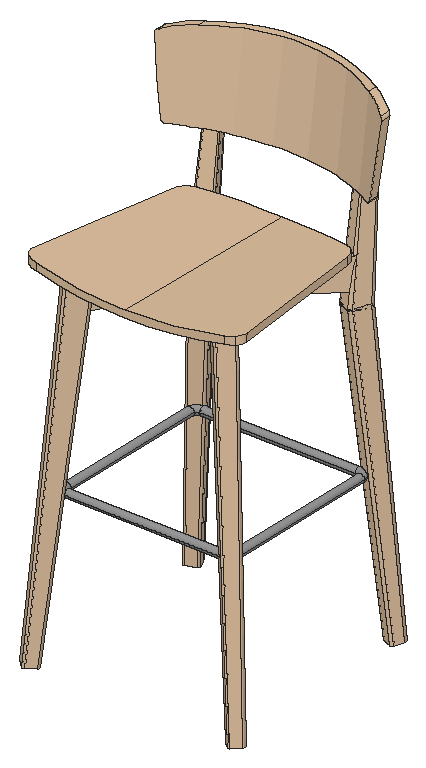
Revit family "FU_Stool_Sandler_Hellen SG06", category Furniture, Revit 2020
Family settings
  OmniClass Number = 23.40.20.00
  OmniClass Title = General Furniture and Specialties
  Work Plane-Based = No
  Always vertical = Yes
  Cut with Voids When Loaded = No
  Shared = No
  Room Calculation Point = No
Parameters (values of type "Hellen SG06")
  Width = 455 mm
  URL = "https://www.sandlerseating.com/product/hellen-sg-06/"
  Model = "Hellen SG06"
  Manufacturer = "Sandler"
  Height = 990 mm
  Frame [instance] = Wood - Beech - Oiled Oak
  Description = "Stool with seat and back on a solid beech frame fitted with a stainless steel footrest."
  Depth = 455 mm
  Default Elevation = 0 mm
Reference planes
  plane 1 "Center (Front/Back)": y = 0
  plane 2: z = 0
  plane 3 "Center (Left/Right)": x = 0
  plane 4 "Right": x = -227.5
  plane 5 "Left": x = 227.5
  plane 6 "Back": y = 227.5
  plane 7 "Front": y = -227.5
  plane 8 "Height": z = 990
  plane 9 "Seat height": z = 720
  plane 10 "FL RIGHT": through (4267.2, -207.37, 0) normal (0, -0.9977, 0.0682)
  plane 11 "FRL FRONT": through (-205.974, -1524, 0.041) normal (-0.9961, 0, 0.0886)
  plane 12 "BLL FRONT": through (201.013, -1524, 0) normal (-0.9987, 0, -0.0517)
  plane 13 "BLL Curve RIGHT": z = 601.691
  plane 14: through (4267.2, 196.102, 0) normal (0, -0.9988, -0.0486)
  plane 15: through (4267.2, 166.798, 601.662) normal (0, -0.9933, 0.1152)
  plane 16 "Frame Seat Base RIGHT": z = 631.09
  plane 17 "Rail RIGHT": z = 298.153
Forms (mm)
  SweptBlend 1, solid, material "Wood - Beech - Oiled Oak" <- "Frame"
    path origin (200.475, 0, 10.381) x (0.051712, 0, -0.998662) y (0, -1, 0)
      loop
        line (12.923, -196.224) -> (-596.353, -166.509)
    profile origin (201.143, 196.224, -2.525) x (-0.002519, 0.998813, 0.048648) y (-0.998662, 0, -0.051712)
      loop
        arc (17.128, 3.4) -> (17.143, 6.462) -> (14.989, 8.637) r 4
        line (14.989, 8.637) -> (-3.892, 16.568)
        arc (-3.892, 16.568) -> (-6.953, 16.584) -> (-9.128, 14.43) r 4
        line (-9.128, 14.43) -> (-17.207, -4.802)
        arc (-17.207, -4.802) -> (-17.223, -7.864) -> (-15.069, -10.039) r 4
        line (-15.069, -10.039) -> (3.812, -17.971)
        arc (3.812, -17.971) -> (6.873, -17.986) -> (9.049, -15.832) r 4
        line (9.049, -15.832) -> (17.128, 3.4)
    end profile origin (169.637, 166.509, 605.936) x (-0.002519, 0.998813, 0.048648) y (-0.998662, 0, -0.051712)
      loop
        line (7.099, -6.825) -> (18.586, 19.263)
        arc (18.586, 19.263) -> (18.684, 23.054) -> (16.092, 25.824) r 5
        line (16.092, 25.824) -> (-14.644, 39.9)
        arc (-14.644, 39.9) -> (-18.469, 40.041) -> (-21.272, 37.436) r 5
        line (-21.272, 37.436) -> (-33.14, 11.523)
        arc (-33.14, 11.523) -> (-33.281, 7.698) -> (-30.676, 4.895) r 5
        line (-30.676, 4.895) -> (0.441, -9.356)
        arc (0.441, -9.356) -> (4.3, -9.484) -> (7.099, -6.825) r 5
  SweptBlend 2, solid, material "Wood - Beech - Oiled Oak" <- "Frame"
    path origin (200.475, 0, 10.381) x (0.051712, 0, -0.998662) y (0, -1, 0)
      loop
        line (-589.155, -166.468) -> (-949.943, -208.37)
    profile origin (170.009, 166.468, 598.747) x (0.005966, 0.993323, -0.115211) y (-0.998662, 0, -0.051712)
      loop
        line (7.015, -6.623) -> (18.28, 19.562)
        arc (18.28, 19.562) -> (18.346, 23.354) -> (15.73, 26.101) r 5
        line (15.73, 26.101) -> (-15.124, 39.916)
        arc (-15.124, 39.916) -> (-18.95, 40.024) -> (-21.731, 37.396) r 5
        line (-21.731, 37.396) -> (-33.378, 11.382)
        arc (-33.378, 11.382) -> (-33.487, 7.557) -> (-30.858, 4.776) r 5
        line (-30.858, 4.776) -> (0.379, -9.211)
        arc (0.379, -9.211) -> (4.239, -9.306) -> (7.015, -6.623) r 5
    end profile origin (151.352, 208.37, 959.053) x (0.005966, 0.993323, -0.115211) y (-0.998662, 0, -0.051712)
      loop
        arc (6.497, 5.132) -> (6.512, 6.28) -> (5.711, 7.102) r 1.5
        line (5.711, 7.102) -> (-10.645, 14.128) -> (-19.944, -6.71) -> (-3.414, -14.086)
        arc (-3.414, -14.086) -> (-2.257, -14.114) -> (-1.425, -13.309) r 1.5
        line (-1.425, -13.309) -> (6.497, 5.132)
  SweptBlend 3, solid, material "Wood - Beech - Oiled Oak" <- "Frame"
    path origin (0, -206.405, 14.116) x (0, -0.068229, -0.99767) y (-1, 0, 0)
      loop
        line (24.345, -205.995) -> (-684.843, -142.778)
    profile origin (205.995, -208.066, -10.172) x (-0.996051, -0.006058, -0.088581) y (0, -0.99767, 0.068229)
      loop
        arc (-2.983, -17.297) -> (-0.175, -18.468) -> (2.645, -17.326) r 4
        line (2.645, -17.326) -> (17.371, -2.905)
        arc (17.371, -2.905) -> (18.573, -0.068) -> (17.401, 2.782) r 4
        line (17.401, 2.782) -> (2.733, 17.45)
        arc (2.733, 17.45) -> (-0.096, 18.621) -> (-2.924, 17.45) r 4
        line (-2.924, 17.45) -> (-17.498, 2.876)
        arc (-17.498, 2.876) -> (-18.67, 0.047) -> (-17.498, -2.781) r 4
        line (-17.498, -2.781) -> (-2.983, -17.297)
    end profile origin (142.778, -159.679, 697.363) x (-0.996051, -0.006058, -0.088581) y (0, -0.99767, 0.068229)
      loop
        arc (-1.295, -25.815) -> (1.518, -26.936) -> (4.31, -25.764) r 4
        line (4.31, -25.764) -> (25.473, -4.601)
        arc (25.473, -4.601) -> (26.645, -1.773) -> (25.473, 1.056) r 4
        line (25.473, 1.056) -> (-2.851, 29.38)
        arc (-2.851, 29.38) -> (-5.679, 30.551) -> (-8.508, 29.38) r 4
        line (-8.508, 29.38) -> (-30.183, 7.704)
        arc (-30.183, 7.704) -> (-31.355, 4.84) -> (-30.131, 1.997) r 4
        line (-30.131, 1.997) -> (-1.295, -25.815)
  SweptBlend 4, solid, material "Wood - Beech - Oiled Oak" <- "Frame"
    path origin (-200.475, 0, 10.381) x (-0.051712, 0, -0.998662) y (0, 1, 0)
      loop
        line (12.923, 196.224) -> (-596.353, 166.509)
    profile origin (-201.143, 196.224, -2.525) x (-0.002519, -0.998813, -0.048648) y (0.998662, 0, -0.051712)
      loop
        line (-17.128, 3.4) -> (-9.049, -15.832)
        arc (-9.049, -15.832) -> (-6.873, -17.986) -> (-3.812, -17.971) r 4
        line (-3.812, -17.971) -> (15.069, -10.039)
        arc (15.069, -10.039) -> (17.223, -7.864) -> (17.207, -4.802) r 4
        line (17.207, -4.802) -> (9.128, 14.43)
        arc (9.128, 14.43) -> (6.953, 16.584) -> (3.892, 16.568) r 4
        line (3.892, 16.568) -> (-14.989, 8.637)
        arc (-14.989, 8.637) -> (-17.143, 6.462) -> (-17.128, 3.4) r 4
    end profile origin (-169.637, 166.509, 605.936) x (-0.002519, -0.998813, -0.048648) y (0.998662, 0, -0.051712)
      loop
        arc (-7.099, -6.825) -> (-4.3, -9.484) -> (-0.441, -9.356) r 5
        line (-0.441, -9.356) -> (30.676, 4.895)
        arc (30.676, 4.895) -> (33.281, 7.698) -> (33.14, 11.523) r 5
        line (33.14, 11.523) -> (21.272, 37.436)
        arc (21.272, 37.436) -> (18.469, 40.041) -> (14.644, 39.9) r 5
        line (14.644, 39.9) -> (-16.092, 25.824)
        arc (-16.092, 25.824) -> (-18.684, 23.054) -> (-18.586, 19.263) r 5
        line (-18.586, 19.263) -> (-7.099, -6.825)
  SweptBlend 5, solid, material "Wood - Beech - Oiled Oak" <- "Frame"
    path origin (-200.475, 0, 10.381) x (-0.051712, 0, -0.998662) y (0, 1, 0)
      loop
        line (-589.155, 166.468) -> (-949.943, 208.37)
    profile origin (-170.009, 166.468, 598.747) x (0.005966, -0.993323, 0.115211) y (0.998662, 0, -0.051712)
      loop
        arc (-7.015, -6.623) -> (-4.239, -9.306) -> (-0.379, -9.211) r 5
        line (-0.379, -9.211) -> (30.858, 4.776)
        arc (30.858, 4.776) -> (33.487, 7.557) -> (33.378, 11.382) r 5
        line (33.378, 11.382) -> (21.731, 37.396)
        arc (21.731, 37.396) -> (18.95, 40.024) -> (15.124, 39.916) r 5
        line (15.124, 39.916) -> (-15.73, 26.101)
        arc (-15.73, 26.101) -> (-18.346, 23.354) -> (-18.28, 19.562) r 5
        line (-18.28, 19.562) -> (-7.015, -6.623)
    end profile origin (-151.352, 208.37, 959.053) x (0.005966, -0.993323, 0.115211) y (0.998662, 0, -0.051712)
      loop
        line (-6.497, 5.132) -> (1.425, -13.309)
        arc (1.425, -13.309) -> (2.257, -14.114) -> (3.414, -14.086) r 1.5
        line (3.414, -14.086) -> (19.944, -6.71) -> (10.645, 14.128) -> (-5.711, 7.102)
        arc (-5.711, 7.102) -> (-6.512, 6.28) -> (-6.497, 5.132) r 1.5
  Extrusion 6, solid, material "Wood - Beech - Oiled Oak" <- "Frame"
    sketch origin (0, 0, 631.09) x (0, -1, 0) y (1, 0, 0)
      loop
        line (-157.596, -136.739) -> (-146.8, -162.31) -> (-64.703, -76.269) -> (49.987, -76.269) -> (57.034, -83.316)
        arc (57.034, -83.316) -> (96.783, -116.713) -> (141.693, -142.76) r 300.084
        line (141.693, -142.76) -> (159.863, -124.589)
        arc (159.863, -124.589) -> (114.861, -98.658) -> (75.065, -65.285) r 297.002
        line (75.065, -65.285) -> (9.781, 0) -> (75.065, 65.285)
        arc (75.065, 65.285) -> (114.861, 98.658) -> (159.863, 124.589) r 297.002
        line (159.863, 124.589) -> (141.693, 142.76)
        arc (141.693, 142.76) -> (96.783, 116.713) -> (57.034, 83.316) r 300.084
        line (57.034, 83.316) -> (49.987, 76.269) -> (-64.703, 76.269) -> (-146.8, 162.31) -> (-157.596, 136.739) -> (-27.126, 0) -> (-157.596, -136.739)
    from 0 to 64.212
  SweptBlend 7, solid, material "Wood - Beech - Oiled Oak" <- "Frame"
    path origin (0, -206.362, 14.738) x (0, -0.068229, -0.99767) y (1, 0, 0)
      loop
        line (25.104, -206.063) -> (-684.084, -142.846)
    profile origin (-206.063, -208.075, -10.308) x (-0.996051, 0.006058, 0.088581) y (0, -0.99767, 0.068229)
      loop
        line (2.983, -17.254) -> (17.498, -2.738)
        arc (17.498, -2.738) -> (18.67, 0.09) -> (17.498, 2.918) r 4
        line (17.498, 2.918) -> (2.924, 17.492)
        arc (2.924, 17.492) -> (0.096, 18.664) -> (-2.733, 17.492) r 4
        line (-2.733, 17.492) -> (-17.401, 2.824)
        arc (-17.401, 2.824) -> (-18.573, -0.025) -> (-17.371, -2.862) r 4
        line (-17.371, -2.862) -> (-2.645, -17.284)
        arc (-2.645, -17.284) -> (0.175, -18.426) -> (2.983, -17.254) r 4
    end profile origin (-142.846, -159.688, 697.228) x (-0.996051, 0.006058, 0.088581) y (0, -0.99767, 0.068229)
      loop
        line (1.295, -25.772) -> (30.131, 2.04)
        arc (30.131, 2.04) -> (31.355, 4.882) -> (30.183, 7.747) r 4
        line (30.183, 7.747) -> (8.508, 29.422)
        arc (8.508, 29.422) -> (5.679, 30.594) -> (2.851, 29.422) r 4
        line (2.851, 29.422) -> (-25.473, 1.098)
        arc (-25.473, 1.098) -> (-26.645, -1.73) -> (-25.473, -4.559) r 4
        line (-25.473, -4.559) -> (-4.31, -25.722)
        arc (-4.31, -25.722) -> (-1.518, -26.893) -> (1.295, -25.772) r 4
  Sweep 8, solid, material "Metal - Steel - Polished"
    path origin (0, 0, 298.153) x (0, -1, 0) y (1, 0, 0)
      loop
        line (-163.114, 155.882) -> (-163.114, -155.882)
        arc (-163.114, -155.882) -> (-158.721, -166.489) -> (-148.114, -170.882) r 15
        line (-148.114, -170.882) -> (159.845, -170.882)
        arc (159.845, -170.882) -> (170.452, -166.489) -> (174.845, -155.882) r 15
        line (174.845, -155.882) -> (174.845, 155.882)
        arc (174.845, 155.882) -> (170.452, 166.489) -> (159.845, 170.882) r 15
        line (159.845, 170.882) -> (-148.114, 170.882)
        arc (-148.114, 170.882) -> (-158.721, 166.489) -> (-163.114, 155.882) r 15
    profile origin (0, 163.114, 298.153) x (0, -1, 0) y (0, 0, 1)
      loop
        circle (0, 0) r 8
  Sweep 9, solid, material "Wood - Beech - Oiled Oak" <- "Frame"
    path origin (0, 0, 0) x (0, 1, 0) y (0, 0, 1)
      loop
        line (-251.068, 691.02) -> (176.532, 685.592)
    profile "Pro_Plus_SeatFront : Pro_Plus_SeatFront" origin (0, -37.268, 688.306) x (0, 0.012694, 0.999919) y (1, 0, 0)
      loop
        arc (0, 0) -> (6.343, -128.159) -> (25.737, -255) r 1255.285
        line (25.737, -255) -> (40.253, -255)
        arc (40.253, -255) -> (21.697, -128.096) -> (15.33, 0) r 1342.99
        arc (15.33, 0) -> (21.697, 128.096) -> (40.253, 255) r 1342.99
        line (40.253, 255) -> (25.737, 255)
        arc (25.737, 255) -> (6.343, 128.159) -> (0, 0) r 1255.285
  Extrusion 10, void
    sketch origin (0, 0, 720) x (-1, 0, 0) y (0, -1, 0)
      loop
        arc (174.807, -108.125) -> (196.061, 42.532) -> (216.358, 193.322) r 23969.847
        arc (216.358, 193.322) -> (213.669, 201.914) -> (207.405, 208.38) r 19.486
        arc (207.405, 208.38) -> (197.835, 212.625) -> (187.659, 215.088) r 58.226
        arc (187.659, 215.088) -> (0, 227.5) -> (-187.659, 215.088) r 1424.794
        arc (-187.659, 215.088) -> (-197.835, 212.625) -> (-207.405, 208.38) r 58.226
        arc (-207.405, 208.38) -> (-213.669, 201.914) -> (-216.358, 193.322) r 19.486
        arc (-216.358, 193.322) -> (-196.061, 42.532) -> (-174.807, -108.125) r 23969.847
        arc (-174.807, -108.125) -> (-165.342, -131.897) -> (-143.795, -145.695) r 41.785
        arc (-143.795, -145.695) -> (0, -164.377) -> (143.795, -145.695) r 562.723
        arc (143.795, -145.695) -> (165.342, -131.897) -> (174.807, -108.125) r 41.785
      loop
        line (258.878, -184.745) -> (258.878, 260.255) -> (-261.122, 260.255) -> (-261.122, -184.745) -> (258.878, -184.745)
    from -37.801 to 15.943
  Sweep 11, solid, material "Wood - Beech - Oiled Oak" <- "Frame"
    path origin (0, 0, 0) x (0, 1, 0) y (0, 0, 1)
      loop
        line (199.884, 800.037) -> (228.174, 992.974)
    profile "Pro_SG Back : Pro_SG Back" origin (0, 214.029, 896.506) x (0, -0.98942, 0.145077) y (1, 0, 0)
      loop
        line (92.119, -250) -> (112.468, -250)
        arc (112.468, -250) -> (13.237, 0) -> (112.468, 250) r 364.538
        line (112.468, 250) -> (92.119, 250)
        arc (92.119, 250) -> (-2, 0) -> (92.119, -250) r 379.085
  Extrusion 12, void
    sketch origin (0, 227.5, 0) x (-1, 0, 0) y (0, 0, 1)
      loop
        arc (227.5, 966.671) -> (226.095, 970.75) -> (222.577, 973.248) r 7.054
        arc (222.577, 973.248) -> (196.644, 979.71) -> (170.109, 982.892) r 214.129
        arc (170.109, 982.892) -> (0, 990) -> (-170.109, 982.892) r 2039.044
        arc (-170.109, 982.892) -> (-196.644, 979.71) -> (-222.577, 973.248) r 214.129
        arc (-222.577, 973.248) -> (-226.095, 970.75) -> (-227.5, 966.671) r 7.054
        arc (-227.5, 966.671) -> (-218.78, 893.779) -> (-209.005, 821.021) r 5065.262
        arc (-209.005, 821.021) -> (-206.755, 816.471) -> (-202.31, 814.021) r 8.481
        arc (-202.31, 814.021) -> (0, 805.89) -> (202.31, 814.021) r 2520.908
        arc (202.31, 814.021) -> (206.755, 816.471) -> (209.005, 821.021) r 8.481
        arc (209.005, 821.021) -> (218.78, 893.779) -> (227.5, 966.671) r 5065.262
      loop
        line (252.5, 1014.646) -> (-252.5, 1014.646) -> (-252.5, 794.646) -> (252.5, 794.646) -> (252.5, 1014.646)
    from 6.667 to -149.8
Cuts and joins
  Extrusion 10 cuts Sweep 9
  Extrusion 12 cuts Sweep 11
Dimensions and locks
  equal spacing: plane 4 "Right", plane 3 "Center (Left/Right)", plane 5 "Left"
  "Width": plane 4 "Right" to plane 5 "Left"
  equal spacing: plane 6 "Back", plane 1 "Center (Front/Back)", plane 7 "Front"
  "Depth": plane 6 "Back" to plane 7 "Front"
  "Height": plane 8 "Height" to level
  plane 9 "Seat height" to level = 720 mm
  aligned and locked: level to plane 2
Automatic sketch dimensions
  SweptBlend 1 sketch curve to plane 6 "Back" = 60.991 mm
  SweptBlend 1 sketch curve to plane 6 "Back" = 31.276 mm
  SweptBlend 1 sketch curve to SweptBlend 1 sketch curve = 609.276 mm
  SweptBlend 1 sketch curve to plane 12 "BLL FRONT" = 4.802 mm
  profile plane to SweptBlend 1 sketch curve = 17.207 mm
  SweptBlend 1 sketch curve to plane 12 "BLL FRONT" = 10.039 mm
  SweptBlend 1 sketch curve to SweptBlend 1 sketch curve = 2.139 mm
  SweptBlend 1 sketch curve to SweptBlend 1 sketch curve = 1.549 mm  (x5)
  profile plane to SweptBlend 1 sketch curve = 9.128 mm
  SweptBlend 1 sketch curve to SweptBlend 1 sketch curve = 3.688 mm  (x3)
  profile plane to SweptBlend 1 sketch curve = 3.892 mm
  SweptBlend 1 sketch curve to profile plane = 3.812 mm
  plane 12 "BLL FRONT" to SweptBlend 1 sketch curve = 4.949 mm
  SweptBlend 1 sketch curve to profile plane = 13.44 mm
  plane 12 "BLL FRONT" to SweptBlend 1 sketch curve = 3.4 mm
  SweptBlend 1 sketch curve to plane 12 "BLL FRONT" = 14.283 mm
  plane 12 "BLL FRONT" to SweptBlend 1 sketch curve = 12.881 mm
  plane 12 "BLL FRONT" to SweptBlend 1 sketch curve = 11.523 mm
  profile plane to SweptBlend 1 sketch curve = 33.14 mm
  plane 12 "BLL FRONT" to SweptBlend 1 sketch curve = 4.895 mm
  SweptBlend 1 sketch curve to SweptBlend 1 sketch curve = 2.464 mm
  SweptBlend 1 sketch curve to SweptBlend 1 sketch curve = 2.082 mm  (x4)
  profile plane to SweptBlend 1 sketch curve = 21.272 mm
  SweptBlend 1 sketch curve to SweptBlend 1 sketch curve = 4.546 mm
  SweptBlend 1 sketch curve to profile plane = 0.441 mm
  SweptBlend 1 sketch curve to profile plane = 2.523 mm
  SweptBlend 1 sketch curve to SweptBlend 1 sketch curve = 4.576 mm  (x2)
  SweptBlend 1 sketch curve to profile plane = 14.01 mm
  SweptBlend 1 sketch curve to plane 12 "BLL FRONT" = 4.811 mm
  SweptBlend 1 sketch curve to SweptBlend 1 sketch curve = 2.015 mm  (x2)
  plane 12 "BLL FRONT" to SweptBlend 1 sketch curve = 19.263 mm
  SweptBlend 1 sketch curve to SweptBlend 1 sketch curve = 25.914 mm
  SweptBlend 2 sketch curve to plane 6 "Back" = 19.13 mm
  SweptBlend 2 sketch curve to plane 6 "Back" = 61.032 mm
  SweptBlend 2 sketch curve to SweptBlend 2 sketch curve = 360.789 mm
  plane 12 "BLL FRONT" to SweptBlend 2 sketch curve = 11.382 mm
  profile plane to SweptBlend 2 sketch curve = 33.378 mm
  plane 12 "BLL FRONT" to SweptBlend 2 sketch curve = 4.776 mm
  SweptBlend 2 sketch curve to SweptBlend 2 sketch curve = 2.52 mm
  SweptBlend 2 sketch curve to SweptBlend 2 sketch curve = 2.043 mm  (x4)
  profile plane to SweptBlend 2 sketch curve = 21.731 mm
  SweptBlend 2 sketch curve to SweptBlend 2 sketch curve = 4.563 mm
  SweptBlend 2 sketch curve to profile plane = 0.379 mm
  SweptBlend 2 sketch curve to profile plane = 2.422 mm
  SweptBlend 2 sketch curve to SweptBlend 2 sketch curve = 4.593 mm  (x2)
  SweptBlend 2 sketch curve to profile plane = 13.687 mm
  SweptBlend 2 sketch curve to plane 12 "BLL FRONT" = 4.647 mm
  SweptBlend 2 sketch curve to SweptBlend 2 sketch curve = 1.976 mm  (x2)
  plane 12 "BLL FRONT" to SweptBlend 2 sketch curve = 19.562 mm
  SweptBlend 2 sketch curve to SweptBlend 2 sketch curve = 26.014 mm
  SweptBlend 2 sketch curve to plane 12 "BLL FRONT" = 6.71 mm
  profile plane to SweptBlend 2 sketch curve = 19.944 mm
  profile plane to SweptBlend 2 sketch curve = 10.645 mm
  profile plane to SweptBlend 2 sketch curve = 3.414 mm
  SweptBlend 2 sketch curve to SweptBlend 2 sketch curve = 0.611 mm
  profile plane to SweptBlend 2 sketch curve = 1.425 mm
  SweptBlend 2 sketch curve to profile plane = 5.119 mm
  SweptBlend 2 sketch curve to SweptBlend 2 sketch curve = 0.592 mm  (x3)
  SweptBlend 2 sketch curve to SweptBlend 2 sketch curve = 1.378 mm
  SweptBlend 2 sketch curve to plane 12 "BLL FRONT" = 12.716 mm
  plane 12 "BLL FRONT" to SweptBlend 2 sketch curve = 5.132 mm
  SweptBlend 3 sketch curve to plane 10 "FL RIGHT" = 2.781 mm
  profile plane to SweptBlend 3 sketch curve = 17.498 mm
  plane 10 "FL RIGHT" to SweptBlend 3 sketch curve = 2.876 mm
  SweptBlend 3 sketch curve to SweptBlend 3 sketch curve = 0 mm
  SweptBlend 3 sketch curve to SweptBlend 3 sketch curve = 2.828 mm  (x9)
  profile plane to SweptBlend 3 sketch curve = 2.983 mm
  profile plane to SweptBlend 3 sketch curve = 2.924 mm
  profile plane to SweptBlend 3 sketch curve = 0.154 mm
  profile plane to SweptBlend 3 sketch curve = 0.096 mm
  SweptBlend 3 sketch curve to profile plane = 2.645 mm
  SweptBlend 3 sketch curve to profile plane = 2.733 mm
  SweptBlend 3 sketch curve to plane 10 "FL RIGHT" = 0.047 mm
  SweptBlend 3 sketch curve to profile plane = 14.573 mm
  SweptBlend 3 sketch curve to plane 10 "FL RIGHT" = 2.905 mm
  SweptBlend 3 sketch curve to SweptBlend 3 sketch curve = 2.799 mm
  plane 10 "FL RIGHT" to SweptBlend 3 sketch curve = 2.782 mm
  SweptBlend 3 sketch curve to plane 10 "FL RIGHT" = 14.468 mm
  plane 10 "FL RIGHT" to SweptBlend 3 sketch curve = 14.621 mm
  plane 10 "FL RIGHT" to SweptBlend 3 sketch curve = 7.704 mm
  profile plane to SweptBlend 3 sketch curve = 30.183 mm
  plane 10 "FL RIGHT" to SweptBlend 3 sketch curve = 1.997 mm
  SweptBlend 3 sketch curve to SweptBlend 3 sketch curve = 0.052 mm
  profile plane to SweptBlend 3 sketch curve = 8.508 mm
  profile plane to SweptBlend 3 sketch curve = 2.851 mm
  profile plane to SweptBlend 3 sketch curve = 1.295 mm
  SweptBlend 3 sketch curve to profile plane = 1.482 mm
  SweptBlend 3 sketch curve to plane 10 "FL RIGHT" = 1.773 mm
  SweptBlend 3 sketch curve to profile plane = 22.645 mm
  plane 10 "FL RIGHT" to SweptBlend 3 sketch curve = 1.056 mm
  SweptBlend 3 sketch curve to plane 10 "FL RIGHT" = 4.601 mm
  SweptBlend 3 sketch curve to plane 10 "FL RIGHT" = 22.936 mm
  plane 10 "FL RIGHT" to SweptBlend 3 sketch curve = 26.551 mm
  SweptBlend 4 sketch curve to plane 6 "Back" = 60.991 mm
  SweptBlend 4 sketch curve to plane 6 "Back" = 31.276 mm
  SweptBlend 4 sketch curve to SweptBlend 4 sketch curve = 609.276 mm
  profile plane to SweptBlend 4 sketch curve = 3.4 mm
  profile plane to SweptBlend 4 sketch curve = 17.128 mm
  profile plane to SweptBlend 4 sketch curve = 8.637 mm
  SweptBlend 4 sketch curve to SweptBlend 4 sketch curve = 2.139 mm
  SweptBlend 4 sketch curve to SweptBlend 4 sketch curve = 3.688 mm  (x4)
  profile plane to SweptBlend 4 sketch curve = 9.049 mm
  profile plane to SweptBlend 4 sketch curve = 3.812 mm
  SweptBlend 4 sketch curve to profile plane = 3.892 mm
  SweptBlend 4 sketch curve to SweptBlend 4 sketch curve = 1.549 mm  (x4)
  SweptBlend 4 sketch curve to profile plane = 6.352 mm
  SweptBlend 4 sketch curve to profile plane = 13.52 mm
  SweptBlend 4 sketch curve to profile plane = 4.802 mm
  SweptBlend 4 sketch curve to profile plane = 14.283 mm
  profile plane to SweptBlend 4 sketch curve = 12.881 mm
  profile plane to SweptBlend 4 sketch curve = 18.586 mm
  SweptBlend 4 sketch curve to SweptBlend 4 sketch curve = 2.494 mm
  SweptBlend 4 sketch curve to SweptBlend 4 sketch curve = 4.576 mm
  profile plane to SweptBlend 4 sketch curve = 7.099 mm
  profile plane to SweptBlend 4 sketch curve = 2.523 mm
  profile plane to SweptBlend 4 sketch curve = 0.441 mm
  SweptBlend 4 sketch curve to profile plane = 14.644 mm
  SweptBlend 4 sketch curve to SweptBlend 4 sketch curve = 2.082 mm  (x3)
  SweptBlend 4 sketch curve to SweptBlend 4 sketch curve = 4.546 mm
  profile plane to SweptBlend 4 sketch curve = 9.441 mm
  SweptBlend 4 sketch curve to SweptBlend 4 sketch curve = 11.868 mm
  profile plane to SweptBlend 4 sketch curve = 4.895 mm
  profile plane to SweptBlend 4 sketch curve = 11.523 mm
  SweptBlend 4 sketch curve to profile plane = 4.811 mm
  SweptBlend 4 sketch curve to SweptBlend 4 sketch curve = 2.015 mm  (x2)
  profile plane to SweptBlend 4 sketch curve = 19.263 mm
  SweptBlend 4 sketch curve to SweptBlend 4 sketch curve = 25.914 mm
  SweptBlend 5 sketch curve to plane 6 "Back" = 19.13 mm
  SweptBlend 5 sketch curve to plane 6 "Back" = 61.032 mm
  SweptBlend 5 sketch curve to SweptBlend 5 sketch curve = 360.789 mm
  profile plane to SweptBlend 5 sketch curve = 18.28 mm
  SweptBlend 5 sketch curve to SweptBlend 5 sketch curve = 2.55 mm
  SweptBlend 5 sketch curve to SweptBlend 5 sketch curve = 4.593 mm
  profile plane to SweptBlend 5 sketch curve = 7.015 mm
  profile plane to SweptBlend 5 sketch curve = 2.422 mm
  profile plane to SweptBlend 5 sketch curve = 0.379 mm
  SweptBlend 5 sketch curve to profile plane = 15.124 mm
  SweptBlend 5 sketch curve to SweptBlend 5 sketch curve = 2.043 mm  (x3)
  SweptBlend 5 sketch curve to SweptBlend 5 sketch curve = 4.563 mm
  profile plane to SweptBlend 5 sketch curve = 9.339 mm
  SweptBlend 5 sketch curve to SweptBlend 5 sketch curve = 11.647 mm
  profile plane to SweptBlend 5 sketch curve = 4.776 mm
  profile plane to SweptBlend 5 sketch curve = 11.382 mm
  SweptBlend 5 sketch curve to profile plane = 4.647 mm
  SweptBlend 5 sketch curve to SweptBlend 5 sketch curve = 1.976 mm  (x2)
  profile plane to SweptBlend 5 sketch curve = 19.562 mm
  SweptBlend 5 sketch curve to SweptBlend 5 sketch curve = 26.014 mm
  profile plane to SweptBlend 5 sketch curve = 6.497 mm
  SweptBlend 5 sketch curve to SweptBlend 5 sketch curve = 0.786 mm
  SweptBlend 5 sketch curve to SweptBlend 5 sketch curve = 0.592 mm  (x3)
  SweptBlend 5 sketch curve to profile plane = 1.425 mm
  SweptBlend 5 sketch curve to SweptBlend 5 sketch curve = 1.378 mm
  SweptBlend 5 sketch curve to SweptBlend 5 sketch curve = 0.611 mm
  SweptBlend 5 sketch curve to profile plane = 10.645 mm
  SweptBlend 5 sketch curve to profile plane = 6.71 mm
  SweptBlend 5 sketch curve to SweptBlend 5 sketch curve = 16.529 mm
  SweptBlend 5 sketch curve to profile plane = 12.716 mm
  profile plane to SweptBlend 5 sketch curve = 5.132 mm
  Extrusion 6 sketch curve to plane 3 "Center (Left/Right)" = 0 mm  (x2)
  Extrusion 6 sketch curve to plane 6 "Back" = 69.904 mm  (x2)
  Extrusion 6 sketch curve to Extrusion 6 sketch curve = 10.796 mm  (x2)
  Extrusion 6 sketch curve to plane 1 "Center (Front/Back)" = 64.703 mm  (x2)
  Extrusion 6 sketch curve to plane 1 "Center (Front/Back)" = 27.126 mm
  plane 1 "Center (Front/Back)" to Extrusion 6 sketch curve = 9.781 mm
  plane 1 "Center (Front/Back)" to Extrusion 6 sketch curve = 49.987 mm  (x2)
  Extrusion 6 sketch curve to Extrusion 6 sketch curve = 7.047 mm  (x4)
  Extrusion 6 sketch curve to Extrusion 6 sketch curve = 18.031 mm  (x2)
  plane 7 "Front" to Extrusion 6 sketch curve = 85.807 mm  (x2)
  Extrusion 6 sketch curve to Extrusion 6 sketch curve = 18.17 mm  (x3)
  Extrusion 6 sketch curve to plane 7 "Front" = 41.725 mm  (x2)
  Extrusion 6 sketch curve to Extrusion 6 sketch curve = 15.852 mm  (x3)
  Extrusion 6 sketch curve to plane 3 "Center (Left/Right)" = 65.285 mm
  Extrusion 6 sketch curve to Extrusion 6 sketch curve = 10.984 mm
  Extrusion 6 sketch curve to Extrusion 6 sketch curve = 59.305 mm
  Extrusion 6 sketch curve to plane 4 "Right" = 98.624 mm
  Extrusion 6 sketch curve to plane 4 "Right" = 90.761 mm
  Extrusion 6 sketch curve to Extrusion 6 sketch curve = 25.571 mm  (x2)
  plane 3 "Center (Left/Right)" to Extrusion 6 sketch curve = 76.269 mm
  plane 5 "Left" to Extrusion 6 sketch curve = 90.761 mm
  SweptBlend 7 sketch curve to plane 4 "Right" = 84.654 mm
  SweptBlend 7 sketch curve to plane 4 "Right" = 21.437 mm
  SweptBlend 7 sketch curve to SweptBlend 7 sketch curve = 709.188 mm
  plane 10 "FL RIGHT" to SweptBlend 7 sketch curve = 2.824 mm
  profile plane to SweptBlend 7 sketch curve = 17.401 mm
  SweptBlend 7 sketch curve to plane 10 "FL RIGHT" = 2.862 mm
  SweptBlend 7 sketch curve to SweptBlend 7 sketch curve = 0.03 mm
  SweptBlend 7 sketch curve to plane 10 "FL RIGHT" = 0.004 mm
  profile plane to SweptBlend 7 sketch curve = 2.733 mm
  profile plane to SweptBlend 7 sketch curve = 2.645 mm
  SweptBlend 7 sketch curve to profile plane = 0.096 mm
  SweptBlend 7 sketch curve to profile plane = 0.154 mm
  SweptBlend 7 sketch curve to profile plane = 2.924 mm
  SweptBlend 7 sketch curve to profile plane = 2.983 mm
  plane 10 "FL RIGHT" to SweptBlend 7 sketch curve = 0.09 mm
  SweptBlend 7 sketch curve to profile plane = 14.67 mm
  plane 10 "FL RIGHT" to SweptBlend 7 sketch curve = 2.918 mm
  SweptBlend 7 sketch curve to SweptBlend 7 sketch curve = 2.828 mm  (x8)
  SweptBlend 7 sketch curve to plane 10 "FL RIGHT" = 2.738 mm
  SweptBlend 7 sketch curve to plane 10 "FL RIGHT" = 14.426 mm
  plane 10 "FL RIGHT" to SweptBlend 7 sketch curve = 14.664 mm
  SweptBlend 7 sketch curve to plane 10 "FL RIGHT" = 4.559 mm
  profile plane to SweptBlend 7 sketch curve = 25.473 mm
  plane 10 "FL RIGHT" to SweptBlend 7 sketch curve = 1.098 mm
  SweptBlend 7 sketch curve to SweptBlend 7 sketch curve = 0 mm
  profile plane to SweptBlend 7 sketch curve = 4.31 mm
  profile plane to SweptBlend 7 sketch curve = 1.482 mm
  SweptBlend 7 sketch curve to profile plane = 1.295 mm
  SweptBlend 7 sketch curve to profile plane = 2.851 mm
  plane 10 "FL RIGHT" to SweptBlend 7 sketch curve = 4.919 mm
  SweptBlend 7 sketch curve to profile plane = 27.355 mm
  plane 10 "FL RIGHT" to SweptBlend 7 sketch curve = 2.04 mm
  SweptBlend 7 sketch curve to SweptBlend 7 sketch curve = 2.777 mm
  plane 10 "FL RIGHT" to SweptBlend 7 sketch curve = 7.747 mm
  SweptBlend 7 sketch curve to plane 10 "FL RIGHT" = 22.893 mm
  plane 10 "FL RIGHT" to SweptBlend 7 sketch curve = 26.594 mm
  Sweep 8 sketch curve to plane 6 "Back" = 64.386 mm
  Sweep 8 sketch curve to Sweep 8 sketch curve = 15 mm  (x4)
  plane 7 "Front" to Sweep 8 sketch curve = 67.655 mm
  plane 5 "Left" to Sweep 8 sketch curve = 56.618 mm
  Sweep 8 sketch curve to plane 4 "Right" = 56.618 mm
  Sweep 8 sketch curve to plane 17 "Rail RIGHT" = 0 mm
  Sweep 8 sketch curve to profile plane = 0 mm
  Sweep 9 sketch curve to plane 15 = 0 mm
  Sweep 9 sketch curve to plane 7 "Front" = 23.568 mm
  Sweep 9 sketch curve to plane 9 "Seat height" = 34.408 mm
  Sweep 9 sketch curve to plane 9 "Seat height" = 28.98 mm
  Extrusion 10 sketch curve to plane 3 "Center (Left/Right)" = 0 mm  (x2)
  plane 5 "Left" to Extrusion 10 sketch curve = 94.383 mm
  plane 5 "Left" to Extrusion 10 sketch curve = 48.393 mm
  plane 5 "Left" to Extrusion 10 sketch curve = 30.58 mm
  Extrusion 10 sketch curve to plane 5 "Left" = 33.622 mm
  Extrusion 10 sketch curve to plane 7 "Front" = 3088.111 mm  (x2)
  Extrusion 10 sketch curve to plane 5 "Left" = 23321.765 mm
  Extrusion 10 sketch curve to plane 4 "Right" = 94.383 mm
  Extrusion 10 sketch curve to plane 4 "Right" = 48.393 mm
  Extrusion 10 sketch curve to plane 4 "Right" = 30.58 mm
  plane 4 "Right" to Extrusion 10 sketch curve = 31.378 mm
  plane 4 "Right" to Extrusion 10 sketch curve = 23321.765 mm
  Extrusion 10 sketch curve to plane 7 "Front" = 170.846 mm
  Extrusion 10 sketch curve to plane 7 "Front" = 32.755 mm
  plane 7 "Front" to Extrusion 10 sketch curve = 35.545 mm  (x2)
  Extrusion 10 sketch curve to Extrusion 10 sketch curve = 34.462 mm  (x2)
  Extrusion 10 sketch curve to plane 1 "Center (Front/Back)" = 105.296 mm  (x2)
  Extrusion 10 sketch curve to plane 6 "Back" = 42.755 mm
  plane 6 "Back" to Extrusion 10 sketch curve = 969.794 mm
  Extrusion 10 sketch curve to Extrusion 10 sketch curve = 10.678 mm
  Extrusion 10 sketch curve to Extrusion 10 sketch curve = 0 mm  (x2)
  Extrusion 10 sketch curve to Extrusion 10 sketch curve = 41.69 mm  (x2)
  Extrusion 10 sketch curve to Extrusion 10 sketch curve = 9.261 mm
  Extrusion 10 sketch curve to Extrusion 10 sketch curve = 10.485 mm
  plane 5 "Left" to Extrusion 10 sketch curve = 11.142 mm
  plane 7 "Front" to Extrusion 10 sketch curve = 12.412 mm
  plane 7 "Front" to Extrusion 10 sketch curve = 19.12 mm
  SweptBlend 3 sketch curve to plane 5 "Left" = 84.722 mm
  SweptBlend 3 sketch curve to plane 5 "Left" = 21.505 mm
  SweptBlend 3 sketch curve to SweptBlend 3 sketch curve = 709.188 mm
  Sweep 11 sketch curve to plane 6 "Back" = 27.616 mm
  plane 9 "Seat height" to Sweep 11 sketch curve = 80.037 mm
  plane 6 "Back" to Sweep 11 sketch curve = 0.674 mm
  plane 8 "Height" to Sweep 11 sketch curve = 2.974 mm
  plane 5 "Left" to Extrusion 12 sketch curve = 0 mm
  Extrusion 12 sketch curve to plane 3 "Center (Left/Right)" = 0 mm
  plane 3 "Center (Left/Right)" to Extrusion 12 sketch curve = 0 mm
  plane 4 "Right" to Extrusion 12 sketch curve = 0 mm
  Extrusion 12 sketch curve to plane 5 "Left" = 25 mm
  plane 8 "Height" to Extrusion 12 sketch curve = 541.867 mm  (x2)
  Extrusion 12 sketch curve to plane 5 "Left" = 4578.63 mm
  plane 5 "Left" to Extrusion 12 sketch curve = 7.053 mm
  plane 5 "Left" to Extrusion 12 sketch curve = 26.874 mm
  Extrusion 12 sketch curve to Extrusion 12 sketch curve = 42.692 mm
  Extrusion 12 sketch curve to plane 4 "Right" = 69.566 mm
  Extrusion 12 sketch curve to plane 4 "Right" = 26.874 mm
  Extrusion 12 sketch curve to plane 4 "Right" = 7.053 mm
  plane 4 "Right" to Extrusion 12 sketch curve = 25 mm
  plane 4 "Right" to Extrusion 12 sketch curve = 4578.63 mm
  plane 8 "Height" to Extrusion 12 sketch curve = 24.646 mm
  Extrusion 12 sketch curve to plane 8 "Height" = 23.477 mm  (x2)
  plane 9 "Seat height" to Extrusion 12 sketch curve = 102.333 mm
  Extrusion 12 sketch curve to Extrusion 12 sketch curve = 144.19 mm
  Extrusion 12 sketch curve to Extrusion 12 sketch curve = 27.686 mm
  plane 9 "Seat height" to Extrusion 12 sketch curve = 49.109 mm  (x2)
  Extrusion 12 sketch curve to level = 1049.044 mm
  Extrusion 12 sketch curve to Extrusion 12 sketch curve = 2312.152 mm
  Extrusion 12 sketch curve to Extrusion 12 sketch curve = 2.13 mm
  Extrusion 12 sketch curve to Extrusion 12 sketch curve = 0 mm
  Extrusion 12 sketch curve to Extrusion 12 sketch curve = 8.379 mm  (x2)
  Extrusion 12 sketch curve to Extrusion 12 sketch curve = 1.684 mm  (x2)
  Extrusion 12 sketch curve to plane 8 "Height" = 7.108 mm  (x2)
  radius of Sweep 8 sketch curve = 8 mm
